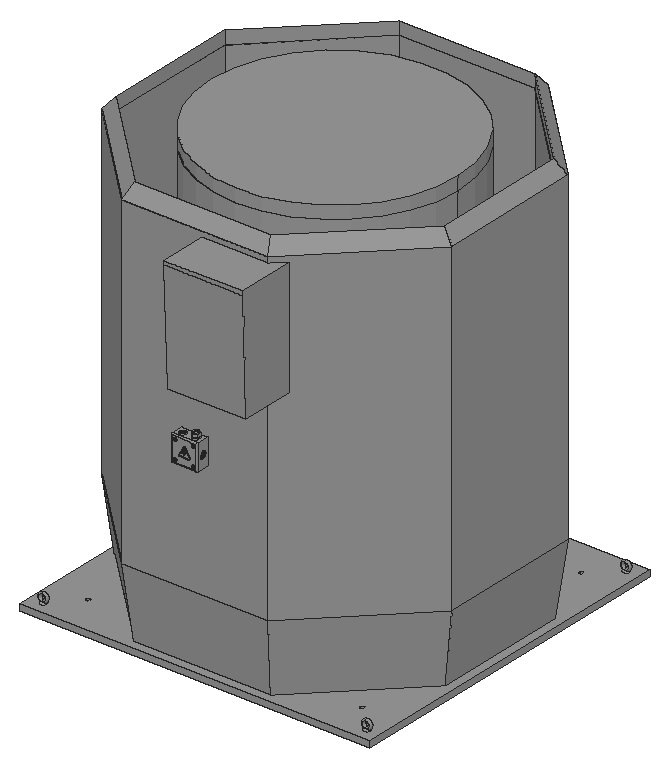
Revit family "VKDV_К2_Eng", category Оборудование, Revit 2021
Family settings
  Размер круглого соединителя = Использовать диаметр
  Классификация = Нет
  Тип детали = Нормальный
  На основе рабочей плоскости = Нет
  Всегда вертикально = Да
  При загрузке вырезать с полостями = Нет
  Общий = Нет
  Точка принадлежности помещению = Нет
Parameters (values of type "VKDV-K2-900-4D/30-K")
  ш1 = ш / 2  # 630 mm
  ш = A - 80 mm  # 1260 mm
  Ш3 = A / 4.8  # 279.167 mm
  Ш2 = A / 5.15  # 260.194 mm
  Ш1 = Ш / 2  # 670 mm
  Ш = A  # 1340 mm
  Width = Ш  # 1340 mm
  Weight = 597.00 kg
  Voltage = 400 V  # constant formula
  Pressure_Static_Air [instance] = 0.0 Pa
  Power = 30000 W
  Number of Fase = 3  # constant formula
  Maximum Air Flow = 55800.0 m³/h
  Load Classification = "HVAC"
  Length = C  # 1524 mm
  Height = H  # 1600 mm
  Frequency = 50 Hz  # constant formula
  Отметка по умолчанию = 0 mm
  Grid Material = Mesh, steel, painted, RAL5007
  Изготовитель = "Vents"  # constant formula
  h1 = Ш3 + 50 mm  # 329.167 mm
  h2 = Ш / 3  # 446.667 mm
  h = H / 3  # 533.333 mm
  URL = "https://ventilation-system.com/series/vkdv-k2"
  R = B / 2 - B / 20  # 472.5 mm
  Maintenance zone material = none
  Casing Material = Metal, painted, blue, matte RAL 5007
  Kl = if(A > 1500 mm, 150 mm, 100 mm)  # 100 mm
  Kh = if(A < 1500 mm, 50 mm, 75 mm)  # 50 mm
  H = 1600 mm
  C = 1524 mm
  B = 1050 mm
  Air Flow [instance] = 0.0 m³/h
  A = 1340 mm
  09_System_Name [instance] = ""
  00_20_Type = "VKDV-K2-900-4D/30-K"
  00_20_Name = "Roof-mounted smoke extraction fan"  # constant formula
  00_20_Manufacturer = "Vents"  # constant formula
Types (37, lengths in mm): name | ш1 | ш | Ш3 | Ш2 | Ш1 | Ш | Width | Weight | Power | Maximum Air Flow | Length | Height | h1 | h2 | h | R | Kl | Kh | H | C | B | A | 00_20_Type
  (no name) | 630 | 1260 | 279.167 | 260.194 | 670 | 1340 | 1340 | 597.00 kg | 30000 W | 55800.0 m³/h | 1524 | 1600 | 329.167 | 446.667 | 533.333 | 472.5 | 100 | 50 | 1600 | 1524 | 1050 | 1340 | "VKDV-K2-900-4D/30-K"
  VKDV-K2-710-4D/11-K | 550 | 1100 | 245.833 | 229.126 | 590 | 1180 | 1180 | 342.00 kg | 11000 W | 28080.0 m³/h | 1267 | 1264 | 295.833 | 393.333 | 421.333 | 441 | 100 | 50 | 1264 | 1267 | 980 | 1180 | "VKDV-K2-710-4D/11-K"
  VKDV-K2-800-6D/4-K | 550 | 1100 | 245.833 | 229.126 | 590 | 1180 | 1180 | 311.00 kg | 4000 W | 25020.0 m³/h | 1311 | 1237 | 295.833 | 393.333 | 412.333 | 441 | 100 | 50 | 1237 | 1311 | 980 | 1180 | "VKDV-K2-800-6D/4-K"
  VKDV-K2-1120-8D/15-K | 780 | 1560 | 341.667 | 318.447 | 820 | 1640 | 1640 | 911.00 kg | 15000 W | 63000.0 m³/h | 1876 | 1866 | 391.667 | 546.667 | 622 | 603 | 150 | 75 | 1866 | 1876 | 1340 | 1640 | "VKDV-K2-1120-8D/15-K"
  VKDV-K2-630-8D/0,75-K | 465 | 930 | 210.417 | 196.117 | 505 | 1010 | 1010 | 200.00 kg | 750 W | 9000.0 m³/h | 1121 | 1060 | 260.417 | 336.667 | 353.333 | 337.5 | 100 | 50 | 1060 | 1121 | 750 | 1010 | "VKDV-K2-630-8D/0,75-K"
  VKDV-K2-630-4D/5,5-K | 465 | 930 | 210.417 | 196.117 | 505 | 1010 | 1010 | 225.00 kg | 5500 W | 18720.0 m³/h | 1121 | 1060 | 260.417 | 336.667 | 353.333 | 337.5 | 100 | 50 | 1060 | 1121 | 750 | 1010 | "VKDV-K2-630-4D/5,5-K"
  VKDV-K2-710-8D/1,1-K | 550 | 1100 | 245.833 | 229.126 | 590 | 1180 | 1180 | 231.00 kg | 1100 W | 12960.0 m³/h | 1257 | 1105 | 295.833 | 393.333 | 368.333 | 441 | 100 | 50 | 1105 | 1257 | 980 | 1180 | "VKDV-K2-710-8D/1,1-K"
  VKDV-K2-710-6D/2,2-K | 550 | 1100 | 245.833 | 229.126 | 590 | 1180 | 1180 | 238.00 kg | 2200 W | 17280.0 m³/h | 1257 | 1105 | 295.833 | 393.333 | 368.333 | 441 | 100 | 50 | 1105 | 1257 | 980 | 1180 | "VKDV-K2-710-6D/2,2-K"
  VKDV-K2-800-8D/2,2-K | 550 | 1100 | 245.833 | 229.126 | 590 | 1180 | 1180 | 308.00 kg | 2200 W | 19080.0 m³/h | 1311 | 1237 | 295.833 | 393.333 | 412.333 | 441 | 100 | 50 | 1237 | 1311 | 980 | 1180 | "VKDV-K2-800-8D/2,2-K"
  VKDV-K2-800-4D/15-K | 550 | 1100 | 245.833 | 229.126 | 590 | 1180 | 1180 | 385.00 kg | 15000 W | 38880.0 m³/h | 1311 | 1387 | 295.833 | 393.333 | 462.333 | 441 | 100 | 50 | 1387 | 1311 | 980 | 1180 | "VKDV-K2-800-4D/15-K"
  VKDV-K2-900-10D/2,2-K | 630 | 1260 | 279.167 | 260.194 | 670 | 1340 | 1340 | 374.00 kg | 2200 W | 22500.0 m³/h | 1494 | 1297 | 329.167 | 446.667 | 432.333 | 472.5 | 100 | 50 | 1297 | 1494 | 1050 | 1340 | "VKDV-K2-900-10D/2,2-K"
  VKDV-K2-900-8D/4-K | 630 | 1260 | 279.167 | 260.194 | 670 | 1340 | 1340 | 435.00 kg | 4000 W | 27000.0 m³/h | 1494 | 1448 | 329.167 | 446.667 | 482.667 | 472.5 | 100 | 50 | 1448 | 1494 | 1050 | 1340 | "VKDV-K2-900-8D/4-K"
  VKDV-K2-900-6D/7,5-K | 630 | 1260 | 279.167 | 260.194 | 670 | 1340 | 1340 | 434.00 kg | 7500 W | 37800.0 m³/h | 1494 | 1448 | 329.167 | 446.667 | 482.667 | 472.5 | 100 | 50 | 1448 | 1494 | 1050 | 1340 | "VKDV-K2-900-6D/7,5-K"
  VKDV-K2-900-4D/30-K | 630 | 1260 | 279.167 | 260.194 | 670 | 1340 | 1340 | 597.00 kg | 30000 W | 55800.0 m³/h | 1524 | 1600 | 329.167 | 446.667 | 533.333 | 472.5 | 100 | 50 | 1600 | 1524 | 1050 | 1340 | "VKDV-K2-900-4D/30-K"
  VKDV-K2-1000-10D/3-K | 735 | 1470 | 322.917 | 300.971 | 775 | 1550 | 1550 | 573.00 kg | 3000 W | 32400.0 m³/h | 1686 | 1595 | 372.917 | 516.667 | 531.667 | 603 | 150 | 75 | 1595 | 1686 | 1340 | 1550 | "VKDV-K2-1000-10D/3-K"
  VKDV-K2-1000-8D/7,5-K | 735 | 1470 | 322.917 | 300.971 | 775 | 1550 | 1550 | 557.00 kg | 7500 W | 38880.0 m³/h | 1686 | 1595 | 372.917 | 516.667 | 531.667 | 603 | 150 | 75 | 1595 | 1686 | 1340 | 1550 | "VKDV-K2-1000-8D/7,5-K"
  VKDV-K2-1000-6D/15-K | 735 | 1470 | 322.917 | 300.971 | 775 | 1550 | 1550 | 608.00 kg | 15000 W | 54000.0 m³/h | 1686 | 1680 | 372.917 | 516.667 | 560 | 603 | 150 | 75 | 1680 | 1686 | 1340 | 1550 | "VKDV-K2-1000-6D/15-K"
  VKDV-K2-1120-10D/7,5-K | 780 | 1560 | 341.667 | 318.447 | 820 | 1640 | 1640 | 834.00 kg | 7500 W | 49680.0 m³/h | 1876 | 1829 | 391.667 | 546.667 | 609.667 | 603 | 150 | 75 | 1829 | 1876 | 1340 | 1640 | "VKDV-K2-1120-10D/7,5-K"
  VKDV-K2-1120-8D/11-K | 780 | 1560 | 341.667 | 318.447 | 820 | 1640 | 1640 | 834.00 kg | 11000 W | 54000.0 m³/h | 1876 | 1753 | 391.667 | 546.667 | 584.333 | 603 | 150 | 75 | 1753 | 1876 | 1340 | 1640 | "VKDV-K2-1120-8D/11-K"
  VKDV-K2-630-6D/1,5-K | 465 | 930 | 210.417 | 196.117 | 505 | 1010 | 1010 | 202.00 kg | 1500 W | 12600.0 m³/h | 1121 | 1060 | 260.417 | 336.667 | 353.333 | 337.5 | 100 | 50 | 1060 | 1121 | 750 | 1010 | "VKDV-K2-630-6D/1,5-K"
  VKDV-K2-1120-6D/22-K | 780 | 1560 | 341.667 | 318.447 | 820 | 1640 | 1640 | 856.00 kg | 22000 W | 74880.0 m³/h | 1876 | 1789 | 391.667 | 546.667 | 596.333 | 603 | 150 | 75 | 1789 | 1876 | 1340 | 1640 | "VKDV-K2-1120-6D/22-K"
  VKDV-K2-1120-6D/30-K | 780 | 1560 | 341.667 | 318.447 | 820 | 1640 | 1640 | 962.00 kg | 30000 W | 84600.0 m³/h | 1876 | 1956 | 391.667 | 546.667 | 652 | 603 | 150 | 75 | 1956 | 1876 | 1340 | 1640 | "VKDV-K2-1120-6D/30-K"
  VKDV-K2-560-4D/3-K | 460 | 920 | 208.333 | 194.175 | 500 | 1000 | 1000 | 163.00 kg | 3000 W | 13500.0 m³/h | 1094 | 991 | 258.333 | 333.333 | 330.333 | 337.5 | 100 | 50 | 991 | 1094 | 750 | 1000 | "VKDV-K2-560-4D/3-K"
  VKDV-K2-560-6D/0,75-K | 460 | 920 | 208.333 | 194.175 | 500 | 1000 | 1000 | 151.00 kg | 750 W | 8640.0 m³/h | 1082 | 921 | 258.333 | 333.333 | 307 | 337.5 | 100 | 50 | 921 | 1082 | 750 | 1000 | "VKDV-K2-560-6D/0,75-K"
  VKDV-K2-560-8D/0,37-K | 460 | 920 | 208.333 | 194.175 | 500 | 1000 | 1000 | 148.00 kg | 370 W | 6480.0 m³/h | 1082 | 921 | 258.333 | 333.333 | 307 | 337.5 | 100 | 50 | 921 | 1082 | 750 | 1000 | "VKDV-K2-560-8D/0,37-K"
  VKDV-K2-500-4D/1,5-K | 375 | 750 | 172.917 | 161.165 | 415 | 830 | 830 | 128.00 kg | 1500 W | 9720.0 m³/h | 950 | 888 | 222.917 | 276.667 | 296 | 288 | 100 | 50 | 888 | 950 | 640 | 830 | "VKDV-K2-500-4D/1,5-K"
  VKDV-K2-500-6D/0,55-K | 375 | 750 | 172.917 | 161.165 | 415 | 830 | 830 | 122.00 kg | 550 W | 3960.0 m³/h | 950 | 888 | 222.917 | 276.667 | 296 | 288 | 100 | 50 | 888 | 950 | 640 | 830 | "VKDV-K2-500-6D/0,55-K"
  VKDV-K2-500-8D/0,25-K | 375 | 750 | 172.917 | 161.165 | 415 | 830 | 830 | 121.00 kg | 250 W | 1512.0 m³/h | 950 | 888 | 222.917 | 276.667 | 296 | 288 | 100 | 50 | 888 | 950 | 640 | 830 | "VKDV-K2-500-8D/0,25-K"
  VKDV-K2-450-2D/7,5-K | 365 | 730 | 168.75 | 157.282 | 405 | 810 | 810 | 137.00 kg | 7500 W | 13680.0 m³/h | 933 | 929 | 218.75 | 270 | 309.667 | 261 | 100 | 50 | 929 | 933 | 580 | 810 | "VKDV-K2-450-2D/7,5-K"
  VKDV-K2-450-4D/1,1-K | 340 | 680 | 158.333 | 147.573 | 380 | 760 | 760 | 96.00 kg | 1100 W | 6750.0 m³/h | 864 | 794 | 208.333 | 253.333 | 264.667 | 261 | 100 | 50 | 794 | 864 | 580 | 760 | "VKDV-K2-450-4D/1,1-K"
  VKDV-K2-450-6D/0,25-K | 340 | 680 | 158.333 | 147.573 | 380 | 760 | 760 | 92.00 kg | 250 W | 3960.0 m³/h | 864 | 794 | 208.333 | 253.333 | 264.667 | 261 | 100 | 50 | 794 | 864 | 580 | 760 | "VKDV-K2-450-6D/0,25-K"
  VKDV-K2-400-2D/4-K | 340 | 680 | 158.333 | 147.573 | 380 | 760 | 760 | 112.00 kg | 4000 W | 9360.0 m³/h | 880 | 897 | 208.333 | 253.333 | 299 | 261 | 100 | 50 | 897 | 880 | 580 | 760 | "VKDV-K2-400-2D/4-K"
  VKDV-K2-400-4D/0,55-K | 340 | 680 | 158.333 | 147.573 | 380 | 760 | 760 | 83.00 kg | 550 W | 4500.0 m³/h | 866 | 772 | 208.333 | 253.333 | 257.333 | 261 | 100 | 50 | 772 | 866 | 580 | 760 | "VKDV-K2-400-4D/0,55-K"
  VKDV-K2-400-6D/0,25-K | 340 | 680 | 158.333 | 147.573 | 380 | 760 | 760 | 82.00 kg | 250 W | 2880.0 m³/h | 866 | 772 | 208.333 | 253.333 | 257.333 | 261 | 100 | 50 | 772 | 866 | 580 | 760 | "VKDV-K2-400-6D/0,25-K"
  VKDV-K2-355-2D/2,2-K | 300 | 600 | 141.667 | 132.039 | 340 | 680 | 680 | 89.00 kg | 2200 W | 6750.0 m³/h | 820 | 801 | 191.667 | 226.667 | 267 | 216 | 100 | 50 | 801 | 820 | 480 | 680 | "VKDV-K2-355-2D/2,2-K"
  VKDV-K2-355-4D/0,25-K | 300 | 600 | 141.667 | 132.039 | 340 | 680 | 680 | 73.00 kg | 250 W | 3168.0 m³/h | 820 | 744 | 191.667 | 226.667 | 248 | 216 | 100 | 50 | 744 | 820 | 480 | 680 | "VKDV-K2-355-4D/0,25-K"
  VKDV-K2-315-2D/1,1-K | 300 | 600 | 141.667 | 132.039 | 340 | 680 | 680 | 80.00 kg | 1100 W | 4680.0 m³/h | 820 | 779 | 191.667 | 226.667 | 259.667 | 216 | 100 | 50 | 779 | 820 | 480 | 680 | "VKDV-K2-315-2D/1,1-K"
Reference planes
  plane 1 "По центру (Вперед/Назад)": y = 0
  plane 2: z = 0
  plane 3 "По центру (Влево/Вправо)": x = 0
  plane 4: z = 1600
  plane 5: y = -854
  plane 6: y = 670
  plane 7: x = 526.611
  plane 8: x = -526.611
  plane 9: z = 1550
  plane 10: x = -525
  plane 11: x = 525
  plane 12: y = 525
  plane 13: y = -525
  plane 14: z = 299
Forms (mm)
  Extrusion 1, solid, material "Metal, painted, blue, matte RAL 5007"
    sketch origin (-227.127, 285.75, 0) x (1, 0, 0) y (0, 1, 0)
      loop
        line (-442.873, 384.25) -> (-442.873, -955.75) -> (897.127, -955.75) -> (897.127, 384.25) -> (-442.873, 384.25)
    from 0 to 25
  Extrusion 2, void
    sketch origin (0, 0, 0) x (1, 0, 0) y (0, 1, 0)
      loop
        circle (-525, 525) r 8
      loop
        circle (525, 525) r 8
      loop
        circle (-525, -525) r 8
      loop
        circle (525, -525) r 8
    from 0 to 25
  Extrusion 3, solid, material "Metal, painted, blue, matte RAL 5007"
    sketch origin (0, 67, 0) x (0, 1, 0) y (0, 0, 1)
      loop
        line (-697, 1529.639) -> (-921, 1529.639) -> (-921, 1514.639) -> (-903.109, 1082.972) -> (-697, 1082.972) -> (-697, 1529.639)
    from 329.167 <- "h1" to 30
  Blend 4, solid, material "Metal, painted, blue, matte RAL 5007"
    base sketch origin (0, 0, 0) x (1, 0, 0) y (0, 1, 0)
      loop
        line (630, 260.194) -> (260.194, 630) -> (-260.194, 630) -> (-630, 260.194) -> (-630, -260.194) -> (-260.194, -630) -> (260.194, -630) -> (630, -260.194) -> (630, 260.194)
    top sketch origin (0, 0, 0) x (1, 0, 0) y (0, 1, 0)
      loop
        line (670, 279.167) -> (279.167, 670) -> (-279.167, 670) -> (-670, 279.167) -> (-670, -279.167) -> (-279.167, -670) -> (279.167, -670) -> (670, -279.167) -> (670, 279.167)
    from 0 to 299
  Extrusion 5, solid, material "Metal, painted, blue, matte RAL 5007"
    sketch origin (0, 0, 0) x (1, 0, 0) y (0, 1, 0)
      loop
        line (670, 279.167) -> (279.167, 670) -> (-279.167, 670) -> (-670, 279.167) -> (-670, -279.167) -> (-279.167, -670) -> (279.167, -670) -> (670, -279.167) -> (670, 279.167)
    from 299 to 1550
  Blend 6, solid, material "Metal, painted, blue, matte RAL 5007"
    base sketch origin (0, 0, 0) x (1, 0, 0) y (0, 1, 0)
      loop
        line (670, 279.167) -> (279.167, 670) -> (-279.167, 670) -> (-670, 279.167) -> (-670, -279.167) -> (-279.167, -670) -> (279.167, -670) -> (670, -279.167) -> (670, 279.167)
    top sketch origin (0, 0, 0) x (1, 0, 0) y (0, 1, 0)
      loop
        line (630, 260.194) -> (260.194, 630) -> (-260.194, 630) -> (-630, 260.194) -> (-630, -260.194) -> (-260.194, -630) -> (260.194, -630) -> (630, -260.194) -> (630, 260.194)
    from 1550 to 1600
  Extrusion 7, void
    sketch origin (0, 0, 0) x (1, 0, 0) y (0, 1, 0)
      loop
        line (630, 260.194) -> (260.194, 630) -> (-260.194, 630) -> (-630, 260.194) -> (-630, -260.194) -> (-260.194, -630) -> (260.194, -630) -> (630, -260.194) -> (630, 260.194)
      loop
        circle (0, 0) r 472.5
    from 1994.336 to 25
Cuts and joins
  Extrusion 7 cuts Blend 4
  Extrusion 7 cuts Extrusion 5
  Extrusion 7 cuts Blend 6
  Extrusion 2 cuts Extrusion 1
Lines and regions (mm)
  Split face 1
    outline origin (0, -854, 1514.639) x (0, 0.04141, -0.999142) y (1, 0, 0)
      loop
        line (422.037, 40) -> (422.037, 319.167) -> (10, 319.167) -> (10, 40) -> (422.037, 40)
Dimensions and locks
  Extrusion 1 sketch curve to Extrusion 1 sketch curve = 1340 mm  (x2)
  "A": Extrusion 1 to Extrusion 1  (x2)
  equal spacing: Extrusion 1 sketch curve, plane 1 "По центру (Вперед/Назад)", Extrusion 1 sketch curve
  equal spacing: Extrusion 1 sketch curve, plane 3 "По центру (Влево/Вправо)", Extrusion 1 sketch curve
  "H": level to plane 4
  plane 5 to plane 1 "По центру (Вперед/Назад)" = 854 mm
  "Ш1": plane 6 to plane 1 "По центру (Вперед/Назад)"
  "C": plane 6 to plane 5
  equal spacing: Blend 4 sketch curve, plane 3 "По центру (Влево/Вправо)", Blend 4 sketch curve  (x2)
  "ш": Blend 4 sketch curve to Blend 4 sketch curve  (x2)
  equal spacing: Blend 4 sketch curve, plane 1 "По центру (Вперед/Назад)", Blend 4 sketch curve  (x2)
  "Ш": Blend 4 sketch curve to Blend 4 sketch curve  (x2)
  equal spacing: Extrusion 5 sketch curve, plane 1 "По центру (Вперед/Назад)", Extrusion 5 sketch curve
  "Ш": Extrusion 5 sketch curve to Extrusion 5 sketch curve  (x2)
  equal spacing: Extrusion 5 sketch curve, plane 3 "По центру (Влево/Вправо)", Extrusion 5 sketch curve
  Extrusion 5 to Extrusion 5 = 1340 mm
  equal spacing: Extrusion 5, plane 3 "По центру (Влево/Вправо)", Extrusion 5
  equal spacing: Blend 6 sketch curve, plane 3 "По центру (Влево/Вправо)", Blend 6 sketch curve  (x2)
  "ш": Blend 6 sketch curve to Blend 6 sketch curve  (x2)
  equal spacing: Blend 6 sketch curve, plane 1 "По центру (Вперед/Назад)", Blend 6 sketch curve  (x2)
  "Ш": Extrusion 5 to Extrusion 5
  equal spacing: Extrusion 5, plane 1 "По центру (Вперед/Назад)", Extrusion 5
  "Ш": Blend 6 sketch curve to Blend 6 sketch curve  (x2)
  equal spacing: Extrusion 7 sketch curve, plane 1 "По центру (Вперед/Назад)", Extrusion 7 sketch curve
  "ш": Extrusion 7 sketch curve to Extrusion 7 sketch curve  (x2)
  equal spacing: Extrusion 7 sketch curve, plane 3 "По центру (Влево/Вправо)", Extrusion 7 sketch curve
  locked: plane 9 to plane 4 at 50
  "ш1": plane 1 "По центру (Вперед/Назад)" to Extrusion 3 sketch curve
  "Ш2": Blend 4 sketch curve to plane 3 "По центру (Влево/Вправо)" to Blend 4 sketch curve  (x2)
  "Ш2": Blend 4 sketch curve to plane 1 "По центру (Вперед/Назад)" to Blend 4 sketch curve  (x2)
  "Ш3": Blend 4 sketch curve to plane 3 "По центру (Влево/Вправо)" to Blend 4 sketch curve  (x2)
  "Ш3": Blend 4 sketch curve to plane 1 "По центру (Вперед/Назад)" to Blend 4 sketch curve  (x2)
  "Ш3": Extrusion 5 sketch curve to plane 3 "По центру (Влево/Вправо)" to Extrusion 5 sketch curve  (x2)
  "Ш3": Extrusion 5 sketch curve to plane 1 "По центру (Вперед/Назад)" to Extrusion 5 sketch curve  (x2)
  "Ш3": Blend 6 sketch curve to plane 3 "По центру (Влево/Вправо)" to Blend 6 sketch curve  (x2)
  "Ш3": Blend 6 sketch curve to plane 1 "По центру (Вперед/Назад)" to Blend 6 sketch curve  (x2)
  "Ш2": Blend 6 sketch curve to plane 3 "По центру (Влево/Вправо)" to Blend 6 sketch curve  (x2)
  "Ш2": Blend 6 sketch curve to plane 1 "По центру (Вперед/Назад)" to Blend 6 sketch curve  (x2)
  "Ш2": Extrusion 7 sketch curve to plane 3 "По центру (Влево/Вправо)" to Extrusion 7 sketch curve  (x2)
  "Ш2": Extrusion 7 sketch curve to plane 1 "По центру (Вперед/Назад)" to Extrusion 7 sketch curve  (x2)
  equal spacing: plane 10, plane 3 "По центру (Влево/Вправо)", plane 11
  "B": plane 10 to plane 11
  equal spacing: plane 12, plane 1 "По центру (Вперед/Назад)", plane 13
  "B": plane 12 to plane 13
  "h2": Extrusion 3 sketch curve to Extrusion 3 sketch curve
  locked: plane 4 to Extrusion 3 sketch curve at 70.361
  locked: nested 1 to cut or joined group of Extrusion 1, Extrusion 2 at 50
  locked: cut or joined group of Extrusion 1, Extrusion 2 to nested 1 at 50
  locked: cut or joined group of Extrusion 1, Extrusion 2 to nested 2 at 50  (x2)
  locked: cut or joined group of Extrusion 1, Extrusion 2 to nested 4 at 50  (x2)
  locked: cut or joined group of Extrusion 1, Extrusion 2 to nested 3 at 50
  locked: nested 3 to cut or joined group of Extrusion 1, Extrusion 2 at 50
  equal spacing: plane 4, nested 5, level
  locked: Split face 1 sketch curve to Extrusion 3 at 10  (x4)
  "R": radius of Extrusion 7 sketch curve
  aligned and locked: level to plane 2
  aligned and locked: plane 5 to Extrusion 3
  aligned and locked: Blend 6 to Extrusion 5
  aligned and locked: plane 4 to Blend 6
  aligned and locked: plane 9 to Extrusion 5
  aligned and locked: cut or joined group of Blend 4, Extrusion 7 to cut or joined group of Extrusion 1, Extrusion 2
  aligned and locked: Extrusion 5 to cut or joined group of Blend 4, Extrusion 7
  aligned and locked: plane 14 to Blend 4
  aligned and locked: plane 3 "По центру (Влево/Вправо)" to nested 5
Automatic sketch dimensions
  Extrusion 1 sketch curve to plane 8 = 143.389 mm
  Extrusion 2 sketch curve to plane 10 = 0 mm  (x2)
  Extrusion 2 sketch curve to plane 11 = 0 mm  (x2)
  Extrusion 2 sketch curve to plane 13 = 0 mm  (x2)
  Extrusion 2 sketch curve to plane 12 = 0 mm  (x2)
  Extrusion 3 sketch curve to plane 5 = 0 mm
  Extrusion 3 sketch curve to plane 5 = 17.891 mm
  Extrusion 3 sketch curve to Extrusion 3 sketch curve = 15 mm
  plane 1 "По центру (Вперед/Назад)" to Extrusion 7 sketch curve = 0 mm
  Extrusion 7 sketch curve to plane 3 "По центру (Влево/Вправо)" = 0 mm
  radius of Extrusion 2 sketch curve = 8 mm  (x4)
Nested families
  nested 1: "Eye bolt" at (620, -620, 25), type "М12"
  nested 2: "Eye bolt" at (-620, -620, 25) x (-1, 0, 0) z (0, 0, 1), type "М12"
  nested 3: "Eye bolt" at (620, 620, 25), type "М12"
  nested 4: "Eye bolt" at (-620, 620, 25) x (-1, 0, 0) z (0, 0, 1), type "М12"
  nested 5: "Electrical box" at (0, -670, 800) x (1, 0, 0) z (0, -1, 0), type "Electrical box"
Connectors
  electrical at (25, -695, 853.75), driven by "Voltage"
    settings: on nested 5, index 1, voltage 400 V, apparent load 0 VA, apparent load phase1 0 VA, apparent load phase2 0 VA, apparent load phase3 0 VA, power factor 1, load classification "Двигатель", number of poles 1, system type 30, power factor state 1, is connector primary yes, connector utility no, sub classification motor no, connector description ""
Definition of nested family "Eye bolt"
  Parameters (values of type "М12")
    Default Elevation = 0 mm
    Manufacturer = "Вентс"  # constant formula
    r5 = d5 / 2  # 8 mm
    r4 = d4 / 2  # 12 mm
    h2 = d3 / 2 + h  # 18.5 mm
    h11 = d3 / 2  # 4.8 mm
    h = 13.7 mm
    d5 = d4 - d4 / 3  # 16 mm
    d4 = d * 2  # 24 mm
    d3 = d * 0.8  # 9.6 mm
    d = 12 mm
  Types (2, lengths in mm): name | r5 | r4 | h2 | h11 | h | d5 | d4 | d3 | d
    М12 | 8 | 12 | 18.5 | 4.8 | 13.7 | 16 | 24 | 9.6 | 12
    М16 | 10.667 | 16 | 23.8 | 6.4 | 17.4 | 21.333 | 32 | 12.8 | 16
  Reference planes
    plane 1 "По центру (Вперед/Назад)": y = 0
    plane 2: z = 0
    plane 3 "По центру (Влево/Вправо)": x = 0
    plane 4 "ось гор": z = 18.5
    plane 5: z = 37
  Forms (mm)
    Revolve 1, solid
      sketch origin (0, 0, 0) x (0, 1, 0) y (0, 0, 1)
        loop
          circle (0, 32.2) r 4.8
        axis (4.8, 18.5) -> (-4.8, 18.5)
      angle from 0 to 360
    Extrusion 2, solid
      sketch origin (0, 0, 0) x (1, 0, 0) y (0, 1, 0)
        loop
          circle (0, 0) r 6
      from -13.7 to 0
    Blend 3, solid
      base sketch origin (0, 0, 0) x (1, 0, 0) y (0, 1, 0)
        loop
          circle (0, 0) r 12
      top sketch origin (0, 0, 0) x (1, 0, 0) y (0, 1, 0)
        loop
          circle (0, 0) r 8
      from 0 to 4.8
  Dimensions and locks
    "h2": plane 4 "ось гор" to level
    "h": Revolve 1 sketch curve to plane 4 "ось гор"
    "h": level to Extrusion 2
    "h2": plane 5 to plane 4 "ось гор"
    "h11": level to Blend 3
    "d3": diameter of Revolve 1 sketch curve
    "d": diameter of Extrusion 2 sketch curve
    "d4": diameter of Blend 3 sketch curve
    "d5": diameter of Blend 3 sketch curve
    aligned and locked: level to plane 2
    aligned and locked: plane 4 "ось гор" to Revolve 1 sketch curve
  Automatic sketch dimensions
    Revolve 1 sketch curve to plane 1 "По центру (Вперед/Назад)" = 0 mm
    plane 1 "По центру (Вперед/Назад)" to Revolve 1 sketch curve = 12.118 mm
    Revolve 1 sketch curve to plane 1 "По центру (Вперед/Назад)" = 7.882 mm
    plane 1 "По центру (Вперед/Назад)" to Extrusion 2 sketch curve = 0 mm
    Extrusion 2 sketch curve to plane 3 "По центру (Влево/Вправо)" = 0 mm
    plane 1 "По центру (Вперед/Назад)" to Blend 3 sketch curve = 0 mm  (x2)
    Blend 3 sketch curve to plane 3 "По центру (Влево/Вправо)" = 0 mm  (x2)
Definition of nested family "Electrical box"
  Parameters (values of type "100x100")
    Ш1 = Ш / 2 - 15 mm  # 35 mm
    Ш = 100 mm
    Default Elevation = 1219.2 mm
    Л = Д / 4  # 25 mm
    Д1 = Д / 2 - 15 mm  # 35 mm
    Д = 100 mm
    h = H / 2  # 25 mm
    H = 50 mm
  Reference planes
    plane 1 "По центру (Вперед/Назад)": y = 0
    plane 2: z = 0
    plane 3 "По центру (Влево/Вправо)": x = 0
  Forms (mm)
    Extrusion 1, solid
      sketch origin (0, 0, 0) x (1, 0, 0) y (0, 1, 0)
        loop
          line (-50, 50) -> (-50, -50) -> (50, -50) -> (50, 50) -> (-50, 50)
      from 0 to 50 <- "H"
    Sweep 2, void
      path in 3D
        loop
          line (-50, 50, 50) -> (-50, -50, 50) -> (50, -50, 50) -> (50, 50, 50) -> (-50, 50, 50)
      profile origin (0, 50, 50) x (0, -1, 0) y (0, 0, 1)
        loop
          line (5, 0) -> (0, 0) -> (0, -5)
          arc (0, -5) -> (1.464, -1.464) -> (5, 0) r 5
    Extrusion 3, void
      sketch origin (0, 0, 0) x (0, 1, 0) y (0, 0, 1)
        loop
          circle (0, 25) r 10
      from -50 to -45
    Extrusion 4, void
      sketch origin (0, 0, 0) x (0, 1, 0) y (0, 0, 1)
        loop
          circle (0, 25) r 10
      from 45 to 50
    Extrusion 5, void
      sketch origin (0, 0, 0) x (1, 0, 0) y (0, 0, 1)
        loop
          circle (25, 25) r 10
        loop
          circle (-25, 25) r 10
      from 45 to 50
    Extrusion 6, void
      sketch origin (0, 0, 0) x (1, 0, 0) y (0, 0, 1)
        loop
          circle (25, 25) r 10
        loop
          circle (-25, 25) r 10
      from -50 to -45
  Cuts and joins
    Sweep 2, Extrusion 3, Extrusion 4, Extrusion 5, Extrusion 6 cuts Extrusion 1
  Lines and regions (mm)
    sketch lines
      curve 1: line (50, 50, 50) -> (-50, 50, 50)
      curve 2: line (50, -50, 50) -> (50, 50, 50)
      curve 3: line (-50, -50, 50) -> (50, -50, 50)
      curve 4: line (-50, 50, 50) -> (-50, -50, 50)
  Dimensions and locks
    "Д": Extrusion 1 sketch curve to Extrusion 1 sketch curve
    "Ш": Extrusion 1 sketch curve to Extrusion 1 sketch curve
    equal spacing: Extrusion 1 sketch curve, plane 3 "По центру (Влево/Вправо)", Extrusion 1 sketch curve
    equal spacing: Extrusion 1 sketch curve, plane 1 "По центру (Вперед/Назад)", Extrusion 1 sketch curve
    "Д1": nested 2 to plane 3 "По центру (Влево/Вправо)"
    "Д1": plane 3 "По центру (Влево/Вправо)" to nested 1
    "Д1": nested 4 to plane 3 "По центру (Влево/Вправо)"
    "Д1": plane 3 "По центру (Влево/Вправо)" to nested 3
    "Ш1": nested 3 to plane 1 "По центру (Вперед/Назад)"
    "Ш1": plane 1 "По центру (Вперед/Назад)" to nested 1
    "Ш1": nested 4 to plane 1 "По центру (Вперед/Назад)"
    "Ш1": plane 1 "По центру (Вперед/Назад)" to nested 2
    "h": Extrusion 3 sketch curve to level
    "h": Extrusion 4 sketch curve to level
    "h": level to Extrusion 5 sketch curve  (x2)
    "Л": plane 3 "По центру (Влево/Вправо)" to Extrusion 5 sketch curve
    "Л": Extrusion 5 sketch curve to plane 3 "По центру (Влево/Вправо)"
    "h": level to Extrusion 6 sketch curve  (x2)
    "Л": Extrusion 6 sketch curve to plane 3 "По центру (Влево/Вправо)"
    "Л": plane 3 "По центру (Влево/Вправо)" to Extrusion 6 sketch curve
    "h": level to nested 5
    "h": level to nested 6
    "Л": nested 8 to plane 3 "По центру (Влево/Вправо)"
    "Л": nested 7 to plane 3 "По центру (Влево/Вправо)"
    "Л": plane 3 "По центру (Влево/Вправо)" to nested 9
    "Л": plane 3 "По центру (Влево/Вправо)" to nested 11
    "h": nested 11 to level
    radius of Extrusion 6 sketch curve = 10 mm
    aligned and locked: level to plane 2
    aligned and locked: Extrusion 1 to Extrusion 3
    aligned and locked: Sweep 2 to Extrusion 3
    aligned and locked: Extrusion 1 to Extrusion 4
    aligned and locked: Sweep 2 to Extrusion 4
    aligned and locked: Extrusion 1 to Extrusion 5
    aligned and locked: Sweep 2 to Extrusion 5
    aligned and locked: Extrusion 1 to Extrusion 6
    aligned and locked: Extrusion 6 to Sweep 2
    aligned and locked: plane 1 "По центру (Вперед/Назад)" to nested 5
    aligned and locked: nested 5 to cut or joined group of Extrusion 1, Sweep 2, Extrusion 3, Extrusion 4, Extrusion 5, Extrusion 6
    aligned and locked: nested 6 to plane 1 "По центру (Вперед/Назад)"
    aligned and locked: cut or joined group of Extrusion 1, Sweep 2, Extrusion 3, Extrusion 4, Extrusion 5, Extrusion 6 to nested 6
    aligned and locked: cut or joined group of Extrusion 1, Sweep 2, Extrusion 3, Extrusion 4, Extrusion 5, Extrusion 6 to nested 7
    aligned and locked: nested 8 to cut or joined group of Extrusion 1, Sweep 2, Extrusion 3, Extrusion 4, Extrusion 5, Extrusion 6
    aligned and locked: cut or joined group of Extrusion 1, Sweep 2, Extrusion 3, Extrusion 4, Extrusion 5, Extrusion 6 to nested 9
    aligned and locked: plane 3 "По центру (Влево/Вправо)" to nested 10
  Automatic sketch dimensions
    Sweep 2 sketch curve to profile plane = 0 mm  (x2)
    Sweep 2 sketch curve to profile plane = 5 mm
    Extrusion 3 sketch curve to plane 1 "По центру (Вперед/Назад)" = 0 mm
    Extrusion 4 sketch curve to plane 1 "По центру (Вперед/Назад)" = 0 mm
    radius of Extrusion 3 sketch curve = 10 mm
    radius of Extrusion 4 sketch curve = 10 mm
    radius of Extrusion 5 sketch curve = 10 mm  (x2)
    radius of Extrusion 6 sketch curve = 10 mm
  Nested families
    nested 1: "Винт" at (35, 35, 50), built-in parameter 1001364 <- "H", type "Винт"
    nested 2: "Винт" at (-35, 35, 50), built-in parameter 1001364 <- "H", type "Винт"
    nested 3: "Винт" at (35, -35, 50), built-in parameter 1001364 <- "H", type "Винт"
    nested 4: "Винт" at (-35, -35, 50), built-in parameter 1001364 <- "H", type "Винт"
    nested 5: "Заглушка" at (46, 0, 25) x (0, 0, -1) z (1, 0, 0), built-in parameter 1001360 <- "h", type "Заглушка"
    nested 6: "Заглушка" at (-46, 0, 25) x (0, 0, -1) z (-1, 0, 0), built-in parameter 1001360 <- "h", type "Заглушка"
    nested 7: "Заглушка" at (-25, 46, 25) x (0, 0, -1) z (0, 1, 0), built-in parameter 1001360 <- "h", type "Заглушка"
    nested 8: "Заглушка" at (-25, -46, 25) x (0, 0, -1) z (0, -1, 0), built-in parameter 1001360 <- "h", type "Заглушка"
    nested 9: "Заглушка" at (25, -46, 25) x (0, 0, -1) z (0, -1, 0), built-in parameter 1001360 <- "h", type "Заглушка"
    nested 10: "Электрика" at (0, 3.125, 50), built-in parameter 1001360 <- "H", type "Электрика"
    nested 11: "Штуцер" at (25, 50, 25) x (1, 0, 0) z (0, 1, 0), type "24"
  Definition of nested family "Винт"
    Parameters (values of type "Винт")
      Default Elevation = 0 mm
    Reference planes
      plane 1 "По центру (Вперед/Назад)": y = 0
      plane 2: z = 0
      plane 3 "По центру (Влево/Вправо)": x = 0
    Forms (mm)
      Revolve 1, solid
        sketch origin (0, 0, 0) x (1, 0, 0) y (0, 0, 1)
          loop
            line (0, -20) -> (2.5, -20) -> (2.5, 0) -> (5, 0) -> (5, 0.988)
            arc (5, 0.988) -> (2.589, 1.966) -> (0, 2.235) r 9.254
            line (0, 2.235) -> (0, -20)
          axis (0, 2.235) -> (0, -20)
        angle from 0 to 360
      Extrusion 2, void
        sketch origin (0, -0.137, 0) x (1, 0, 0) y (0, 1, 0)
          loop
            line (-0.439, -5.142) -> (0.455, -5.142) -> (0.455, -0.343) -> (5.265, -0.343) -> (5.265, 0.594) -> (0.455, 0.594) -> (0.455, 5.38) -> (-0.439, 5.38) -> (-0.439, 0.594) -> (-5.291, 0.594) -> (-5.291, -0.343) -> (-0.439, -0.343) -> (-0.439, -5.142)
        from 0.988 to 3.071
    Cuts and joins
      Extrusion 2 cuts Revolve 1
    Dimensions and locks
      aligned and locked: level to plane 2
      aligned and locked: Extrusion 2 to Revolve 1
  Definition of nested family "Заглушка"
    Parameters (values of type "Заглушка")
      Default Elevation = 0 mm
    Reference planes
      plane 1 "По центру (Вперед/Назад)": y = 0
      plane 2: z = 0
      plane 3 "По центру (Влево/Вправо)": x = 0
    Forms (mm)
      Extrusion 1, solid
        sketch origin (0, 0, 0) x (1, 0, 0) y (0, 1, 0)
          loop
            circle (0, 0) r 12
        from 4 to 5
      Extrusion 2, solid
        sketch origin (0, 0, 0) x (1, 0, 0) y (0, 1, 0)
          loop
            circle (0, 0) r 10
        from 5 to 6
      Extrusion 3, solid
        sketch origin (0, 0, 0) x (1, 0, 0) y (0, 1, 0)
          loop
            circle (0, 0) r 8
        from 6 to 7
      Extrusion 4, solid
        sketch origin (0, 0, 0) x (1, 0, 0) y (0, 1, 0)
          loop
            circle (0, 0) r 6
        from 7 to 8
      Extrusion 5, solid
        sketch origin (0, 0, 0) x (1, 0, 0) y (0, 1, 0)
          loop
            circle (0, 0) r 4
        from 8 to 9
      Extrusion 6, solid
        sketch origin (0, 0, 0) x (1, 0, 0) y (0, 1, 0)
          loop
            circle (0, 0) r 2
        from 9 to 10
    Dimensions and locks
      aligned and locked: level to plane 2
  Definition of nested family "Электрика"
    Parameters (values of type "Электрика")
      Default Elevation = 0 mm
    Reference planes
      plane 1 "По центру (Вперед/Назад)": y = 0
      plane 2: z = 0
      plane 3 "По центру (Влево/Вправо)": x = 0
    Forms (mm)
      Extrusion 1, solid
        sketch origin (0, -20.999, 0) x (1, 0, 0) y (0, 1, 0)
          loop
            line (0, 0.664) -> (18.543, 0.664)
            arc (18.543, 0.664) -> (21.349, 1.985) -> (22.119, 4.99) r 3.641
            line (22.119, 4.99) -> (2.806, 38.44)
            arc (2.806, 38.44) -> (0, 39.762) -> (-2.806, 38.44) r 3.641
            line (-2.806, 38.44) -> (-22.119, 4.99)
            arc (-22.119, 4.99) -> (-21.349, 1.985) -> (-18.543, 0.664) r 3.641
            line (-18.543, 0.664) -> (0, 0.664)
          loop
            arc (-20.055, 4.565) -> (-19.717, 3.245) -> (-18.484, 2.664) r 1.6
            line (-18.484, 2.664) -> (18.396, 2.664)
            arc (18.396, 2.664) -> (19.729, 3.379) -> (19.87, 4.885) r 1.6
            line (19.87, 4.885) -> (1.2, 37.223)
            arc (1.2, 37.223) -> (0.104, 37.807) -> (-1.079, 37.432) r 1.6
            line (-1.079, 37.432) -> (-20.055, 4.565)
        from 0 to 1
      Extrusion 2, solid
        sketch origin (0, -20.999, 0) x (1, 0, 0) y (0, 1, 0)
          loop
            line (1.519, 30.846) -> (-2.718, 30.846) -> (-7.387, 14.53) -> (2.226, 19.012) -> (-1.819, 8.947) -> (-2.667, 9.352) -> (-2.823, 5.949) -> (-0.273, 8.208) -> (-1.096, 8.601) -> (5.366, 22.132) -> (-4.385, 17.585) -> (1.519, 30.846)
        from 0 to 1
      Extrusion 3, solid
        sketch origin (0, -20.999, 0) x (1, 0, 0) y (0, 1, 0)
          loop
            line (-1.079, 37.432) -> (-20.055, 4.565)
            arc (-20.055, 4.565) -> (-19.717, 3.245) -> (-18.484, 2.664) r 1.6
            line (-18.484, 2.664) -> (18.396, 2.664)
            arc (18.396, 2.664) -> (19.781, 3.464) -> (19.781, 5.064) r 1.6
            line (19.781, 5.064) -> (1.296, 37.092)
            arc (1.296, 37.092) -> (0.185, 37.798) -> (-1.079, 37.432) r 1.6
        from 0 to 0.9
    Dimensions and locks
      aligned and locked: level to plane 2
  Definition of nested family "Штуцер"
    Parameters (values of type "32")
      Default Elevation = 1219.2 mm
      r1 = r / 1.3333  # 12 mm
      r = 16 mm
      h3 = H / 3.2  # 10 mm
      h1 = H / 1.28  # 25 mm
      h4 = H / 6.4  # 5 mm
      H = 32 mm
      A = 2 * r * tan(30.00°)  # 18.475 mm
    Types (3, lengths in mm): name | r1 | r | h3 | h1 | h4 | H | A
      32 | 12 | 16 | 10 | 25 | 5 | 32 | 18.475
      24 | 9 | 12 | 7.5 | 18.75 | 3.75 | 24 | 13.856
      16 | 6 | 8 | 5 | 12.5 | 2.5 | 16 | 9.238
    Reference planes
      plane 1 "По центру (Вперед/Назад)": y = 0
      plane 2: z = 0
      plane 3 "По центру (Влево/Вправо)": x = 0
    Forms (mm)
      Extrusion 1, solid
        sketch origin (-129.783, 0, -1.583) x (-1, 0, 0) y (0, -1, 0)
          loop
            line (-129.783, -18.475) -> (-113.783, -9.238) -> (-113.783, 9.238) -> (-129.783, 18.475) -> (-145.783, 9.238) -> (-145.783, -9.238) -> (-129.783, -18.475)
        from 1.583 to 6.583
      Extrusion 2, solid
        sketch origin (-129.783, 0, 0) x (-1, 0, 0) y (0, -1, 0)
          loop
            circle (-129.783, 0) r 12
        from 5 to 10
      Extrusion 3, solid
        sketch origin (-129.783, 0, 14.25) x (-1, 0, 0) y (0, -1, 0)
          loop
            line (-129.783, -18.475) -> (-113.783, -9.238) -> (-113.783, 9.238) -> (-129.783, 18.475) -> (-145.783, 9.238) -> (-145.783, -9.238) -> (-129.783, -18.475)
        from -4.25 to 10.75
      Revolve 4, solid
        sketch origin (-129.783, 0, -5.678) x (-1, 0, 0) y (0, 0, -1)
          loop
            line (-117.783, -30.678) -> (-129.783, -30.678) -> (-129.783, -37.678) -> (-118.783, -37.678)
            arc (-118.783, -37.678) -> (-118.076, -37.385) -> (-117.783, -36.678) r 1
            line (-117.783, -36.678) -> (-117.783, -30.678)
          axis (-129.783, -37.678) -> (-129.783, -30.678)
        angle from 0 to 360
    Dimensions and locks
      "A": Extrusion 3 sketch curve to Extrusion 3 sketch curve  (x6)
      equal spacing: Extrusion 3 sketch curve, plane 1 "По центру (Вперед/Назад)", Extrusion 3 sketch curve  (x2)
      "A": Extrusion 3 sketch curve to plane 1 "По центру (Вперед/Назад)" to Extrusion 3 sketch curve
      "A": Extrusion 1 sketch curve to Extrusion 1 sketch curve  (x6)
      "A": Extrusion 1 sketch curve to plane 1 "По центру (Вперед/Назад)" to Extrusion 1 sketch curve
      "r1": plane 3 "По центру (Влево/Вправо)" to Revolve 4 sketch curve
      "H": level to Revolve 4 sketch curve
      "h1": level to Extrusion 3
      "h3": level to Extrusion 3
      "h1": level to Revolve 4 sketch curve
      "h3": level to Extrusion 2
      "h4": level to Extrusion 2
      "h4": level to Extrusion 1
      "r1": radius of Extrusion 2 sketch curve
      aligned and locked: level to plane 2
      aligned and locked: Extrusion 1 to Extrusion 2
      aligned and locked: Extrusion 1 to level
      aligned and locked: Extrusion 3 to Extrusion 2
    Automatic sketch dimensions
      Extrusion 1 sketch curve to plane 3 "По центру (Влево/Вправо)" = 0 mm  (x2)
      plane 1 "По центру (Вперед/Назад)" to Extrusion 2 sketch curve = 0 mm
      Extrusion 2 sketch curve to plane 3 "По центру (Влево/Вправо)" = 0 mm
      Extrusion 3 sketch curve to plane 3 "По центру (Влево/Вправо)" = 0 mm
      Revolve 4 sketch curve to plane 3 "По центру (Влево/Вправо)" = 0 mm  (x2)
      Revolve 4 sketch curve to Revolve 4 sketch curve = 1 mm
      level to Revolve 4 sketch curve = 1.702 mm
      Revolve 4 sketch curve to level = 6.18 mm
